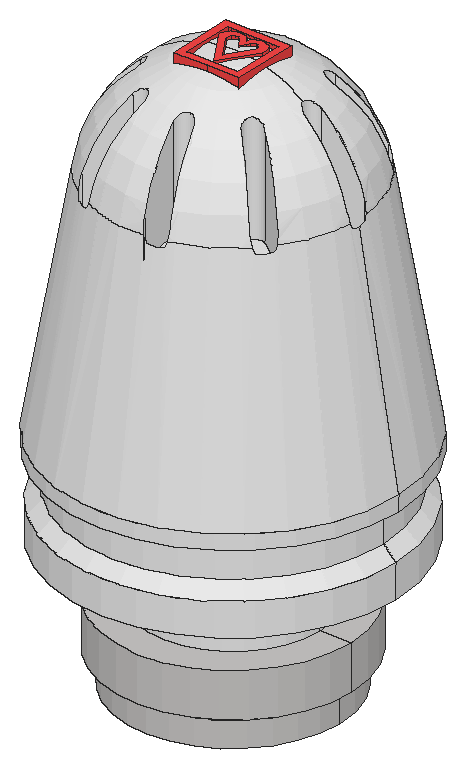
Revit family "HERZ-Thermostatkopf MINI GS M28x1.5 9200 03", category Rohrzubehör, Revit 2021
Family settings
  Bemaßung runder Anschluss = Durchmesser verwenden
  Teiletyp = Normal
  OmniClass-Nummer = 23.65.55.14
  OmniClass-Titel = Valves for Liquid Services
  Arbeitsebenenbasiert = Nein
  Immer vertikal = Nein
  Beim Laden mit Abzugskörper schneiden = Nein
  Gemeinsam genutzt = Nein
Parameters
  Vorgabe-Ansicht = 0 mm
  URL = "www.herz-armaturen.at"
  Thermostatkopf = "Kunststoff, weiß"  # constant formula
  Sollwertbereich = "0-30°C"  # constant formula
  S02 = 60 mm  # constant formula
  S01 = 73 mm  # constant formula
  Nullstellung = "Heizkörperthermostat mit Flüssigkeitsfühler (Hydrosensor) mit Stellung „0“, Frostsicherung einstellbar, mit Begrenzung und Blockierung des Sollwertbereiches."
  Hersteller = "HERZ Armaturen Ges.m.b.H."  # constant formula
  Funktionsweise = "Der HERZ-Thermostat dient als Fühl- und Regelelement. Durch die Volumsänderung der Flüssigkeitsfüllung im HERZ-Hydrosensor wird die Schubspindel des Ventils bewegt."
  Frostsicherung bei = 6 °C  # constant formula
  Sollwertbereich Frostsicherung = "6-30°C"  # constant formula
  Frostsicherung = "Heizkörperthermostat  mit  Flüssigkeitsfühler  (Hydrosensor)  mit  automatischer  Frostsicherung  und  Be-grenzung und Blockierung des Sollwertbereiches."
  Bestellnummer = 1920003  # constant formula
  Anwendungen = "Zur Montage auf Ventilen, die für thermostatischen Betrieb eingerichtet sind.Artikelnummern, Dimensionen und Lieferform der HERZ Ventile sind den jeweiligen Produktnormblättern zu entnehmen."
Reference planes
  plane 1 "Mitte (Vorne/hinten)": y = 0
  plane 2: z = 0
  plane 3 "Mitte (Links/rechts)": x = 0
Forms (mm)
  Revolve 1, solid, material "Kunststoff weiß", detail levels fine
    sketch origin (0, 0, 0) x (1, 0, 0) y (0, 0, 1)
      loop
        line (0, 0) -> (0, 73)
        arc (0, 73) -> (-11.397, 68.78) -> (-17.297, 58.156) r 17.5
        arc (-17.297, 58.156) -> (-20.011, 42.065) -> (-22.88, 26) r 1681.293
        line (-22.88, 26) -> (-22.88, 24) -> (-20.75, 24) -> (-20.75, 19.25) -> (-22.5, 17.5) -> (-22.5, 13) -> (-12.8, 13)
        arc (-12.8, 13) -> (-12.234, 12.766) -> (-12, 12.2) r 0.8
        line (-12, 12.2) -> (-12, 4.8) -> (-13.2, 4.8) -> (-13.2, 0) -> (0, 0)
      axis (0, 73) -> (0, 0)
    angle from 0 to 360
  Revolve 2, solid, material "Messing verzinkt", detail levels fine
    sketch origin (0, 0, 0) x (1, 0, 0) y (0, 0, 1)
      loop
        line (0, 0) -> (0, 5.5) -> (-16.35, 5.5) -> (-16.35, -0.576) -> (-14.75, -1.5) -> (-14.75, -5) -> (-13.35, -5) -> (-13.35, 0) -> (0, 0)
      axis (0, 5.5) -> (0, -5)
    angle from 0 to 360
  Extrusion 3, void
    sketch origin (0, 0, 0) x (1, 0, 0) y (0, 1, 0)
      loop
        arc (11.027, 1.298) -> (9.8, 0) -> (11.027, -1.298) r 1.3
        line (11.027, -1.298) -> (16.77, -1.62)
        arc (16.77, -1.62) -> (17.178, -1.485) -> (17.384, -1.107) r 0.586
        arc (17.384, -1.107) -> (17.453, 0.011) -> (17.382, 1.129) r 9
        arc (17.382, 1.129) -> (17.183, 1.492) -> (16.79, 1.621) r 0.564
        line (16.79, 1.621) -> (11.027, 1.298)
      loop
        line (9.282, 6.094) -> (13.904, 9.55)
        arc (13.904, 9.55) -> (14.121, 9.902) -> (14.04, 10.308) r 0.564
        arc (14.04, 10.308) -> (13.376, 11.21) -> (12.605, 12.023) r 9
        arc (12.605, 12.023) -> (12.205, 12.18) -> (11.805, 12.021) r 0.586
        line (11.805, 12.021) -> (7.613, 8.082)
        arc (7.613, 8.082) -> (7.507, 6.299) -> (9.282, 6.094) r 1.3
      loop
        arc (0.637, 11.085) -> (1.702, 9.651) -> (3.193, 10.634) r 1.3
        line (3.193, 10.634) -> (4.508, 16.234)
        arc (4.508, 16.234) -> (4.445, 16.659) -> (4.109, 16.928) r 0.586
        arc (4.109, 16.928) -> (3.02, 17.189) -> (1.907, 17.313) r 9
        arc (1.907, 17.313) -> (1.515, 17.181) -> (1.319, 16.816) r 0.564
        line (1.319, 16.816) -> (0.637, 11.085)
      loop
        line (-4.39, 10.199) -> (-6.991, 15.351)
        arc (-6.991, 15.351) -> (-7.3, 15.626) -> (-7.713, 15.617) r 0.564
        arc (-7.713, 15.617) -> (-8.717, 15.12) -> (-9.651, 14.501) r 9
        arc (-9.651, 14.501) -> (-9.875, 14.134) -> (-9.788, 13.713) r 0.586
        line (-9.788, 13.713) -> (-6.638, 8.901)
        arc (-6.638, 8.901) -> (-4.9, 8.487) -> (-4.39, 10.199) r 1.3
      loop
        arc (-10.806, 2.552) -> (-9.209, 3.352) -> (-9.918, 4.991) r 1.3
        line (-9.918, 4.991) -> (-15.204, 7.258)
        arc (-15.204, 7.258) -> (-15.634, 7.271) -> (-15.957, 6.986) r 0.586
        arc (-15.957, 6.986) -> (-16.404, 5.959) -> (-16.719, 4.884) r 9
        arc (-16.719, 4.884) -> (-16.657, 4.475) -> (-16.332, 4.219) r 0.564
        line (-16.332, 4.219) -> (-10.806, 2.552)
      loop
        line (-10.806, -2.552) -> (-16.332, -4.219)
        arc (-16.332, -4.219) -> (-16.657, -4.475) -> (-16.719, -4.884) r 0.564
        arc (-16.719, -4.884) -> (-16.404, -5.959) -> (-15.957, -6.986) r 9
        arc (-15.957, -6.986) -> (-15.634, -7.271) -> (-15.204, -7.258) r 0.586
        line (-15.204, -7.258) -> (-9.918, -4.991)
        arc (-9.918, -4.991) -> (-9.209, -3.352) -> (-10.806, -2.552) r 1.3
      loop
        arc (9.282, -6.094) -> (7.507, -6.299) -> (7.613, -8.082) r 1.3
        line (7.613, -8.082) -> (11.805, -12.021)
        arc (11.805, -12.021) -> (12.205, -12.18) -> (12.605, -12.023) r 0.586
        arc (12.605, -12.023) -> (13.376, -11.21) -> (14.04, -10.308) r 9
        arc (14.04, -10.308) -> (14.121, -9.902) -> (13.904, -9.55) r 0.564
        line (13.904, -9.55) -> (9.282, -6.094)
      loop
        line (0.637, -11.085) -> (1.319, -16.816)
        arc (1.319, -16.816) -> (1.515, -17.181) -> (1.907, -17.313) r 0.564
        arc (1.907, -17.313) -> (3.02, -17.189) -> (4.109, -16.928) r 9
        arc (4.109, -16.928) -> (4.445, -16.659) -> (4.508, -16.234) r 0.586
        line (4.508, -16.234) -> (3.193, -10.634)
        arc (3.193, -10.634) -> (1.702, -9.651) -> (0.637, -11.085) r 1.3
      loop
        arc (-4.39, -10.199) -> (-4.9, -8.487) -> (-6.638, -8.901) r 1.3
        line (-6.638, -8.901) -> (-9.788, -13.713)
        arc (-9.788, -13.713) -> (-9.875, -14.134) -> (-9.651, -14.501) r 0.586
        arc (-9.651, -14.501) -> (-8.717, -15.12) -> (-7.713, -15.617) r 9
        arc (-7.713, -15.617) -> (-7.3, -15.626) -> (-6.991, -15.351) r 0.564
        line (-6.991, -15.351) -> (-4.39, -10.199)
    from 55 to 73
Cuts and joins
  Extrusion 3 cuts Revolve 1
Lines and regions (mm)
  model lines, detail levels coarse+medium
    curve 1: line (0, 0, 0) -> (0, 0, 13)
    curve 2: line (0, -0.017, 0) -> (0, 13, 0)
    curve 3: circle (0, 0, 43) r 30 normal (0, -1, 0)
    curve 4: circle (0, 0, 43) r 30 normal (1, 0, 0)
    curve 5: line (0, 0, 23) -> (0, 0, 63)
    curve 6: line (0, -17.5, 63) -> (0, 17.5, 63)
    curve 7: line (0, 0, 23) -> (0, 0, 63)
    curve 8: line (-17.5, 0, 63) -> (17.5, 0, 63)
    curve 9: circle (0, 43, 0) r 30 normal (0, 0, 1)
    curve 10: line (0, 23, 0) -> (0, 63, 0)
    curve 11: line (-17.5, 63, 0) -> (17.5, 63, 0)
Dimensions and locks
  "S01": curve 4 to plane 2
  "S01": curve 3 to plane 2
  "S01": plane 1 "Mitte (Vorne/hinten)" to curve 9
  "S02": diameter of curve 3
  "S02": diameter of curve 4
  "S02": diameter of curve 9
  aligned and locked: level to plane 2
Automatic sketch dimensions
  Revolve 1 sketch curve to level = 0 mm
  Revolve 1 sketch curve to plane 3 "Mitte (Links/rechts)" = 0 mm  (x2)
  Revolve 1 sketch curve to plane 3 "Mitte (Links/rechts)" = 12 mm
  Revolve 1 sketch curve to Revolve 1 sketch curve = 0.8 mm
  Revolve 1 sketch curve to Revolve 1 sketch curve = 1.2 mm
  Revolve 1 sketch curve to Revolve 1 sketch curve = 7.95 mm
  Revolve 1 sketch curve to Revolve 1 sketch curve = 1.75 mm  (x2)
  Revolve 1 sketch curve to Revolve 1 sketch curve = 2.13 mm
  level to Revolve 1 sketch curve = 329.658 mm
  Revolve 1 sketch curve to plane 3 "Mitte (Links/rechts)" = 1676.524 mm
  level to Revolve 1 sketch curve = 4.8 mm
  Revolve 1 sketch curve to Revolve 1 sketch curve = 7.4 mm
  Revolve 1 sketch curve to Revolve 1 sketch curve = 4.5 mm
  Revolve 1 sketch curve to Revolve 1 sketch curve = 4.75 mm
  Revolve 1 sketch curve to Revolve 1 sketch curve = 2 mm
  Revolve 1 sketch curve to Revolve 1 sketch curve = 29.5 mm
  Revolve 1 sketch curve to Revolve 1 sketch curve = 17.5 mm
  Revolve 1 sketch curve to level = 366.045 mm
  Revolve 1 sketch curve to Revolve 1 sketch curve = 2141.315 mm
  Revolve 2 sketch curve to level = 0 mm
  Revolve 2 sketch curve to plane 3 "Mitte (Links/rechts)" = 0 mm  (x2)
  Revolve 2 sketch curve to level = 5 mm
  Revolve 2 sketch curve to plane 3 "Mitte (Links/rechts)" = 13.35 mm
  Revolve 2 sketch curve to Revolve 2 sketch curve = 1.4 mm
  Revolve 2 sketch curve to level = 0.576 mm
  Revolve 2 sketch curve to Revolve 2 sketch curve = 1.6 mm
  Revolve 2 sketch curve to level = 1.5 mm
  level to Revolve 2 sketch curve = 5.5 mm
  Revolve 2 sketch curve to Revolve 2 sketch curve = 361.045 mm
  Revolve 2 sketch curve to Revolve 2 sketch curve = 2208.815 mm
  plane 1 "Mitte (Vorne/hinten)" to Extrusion 3 sketch curve = 0 mm  (x2)
  Extrusion 3 sketch curve to plane 1 "Mitte (Vorne/hinten)" = 4.219 mm
  Extrusion 3 sketch curve to plane 3 "Mitte (Links/rechts)" = 16.332 mm
  plane 1 "Mitte (Vorne/hinten)" to Extrusion 3 sketch curve = 4.219 mm
  Extrusion 3 sketch curve to Extrusion 3 sketch curve = 0 mm  (x11)
  Extrusion 3 sketch curve to Extrusion 3 sketch curve = 0.163 mm  (x2)
  Extrusion 3 sketch curve to Extrusion 3 sketch curve = 0.734 mm  (x2)
  plane 1 "Mitte (Vorne/hinten)" to Extrusion 3 sketch curve = 7.258 mm
  Extrusion 3 sketch curve to Extrusion 3 sketch curve = 0.231 mm  (x2)
  Extrusion 3 sketch curve to plane 1 "Mitte (Vorne/hinten)" = 7.258 mm
  plane 1 "Mitte (Vorne/hinten)" to Extrusion 3 sketch curve = 2.552 mm
  Extrusion 3 sketch curve to Extrusion 3 sketch curve = 5.526 mm
  Extrusion 3 sketch curve to plane 1 "Mitte (Vorne/hinten)" = 2.552 mm
  Extrusion 3 sketch curve to Extrusion 3 sketch curve = 0.375 mm  (x2)
  Extrusion 3 sketch curve to Extrusion 3 sketch curve = 0.512 mm  (x2)
  Extrusion 3 sketch curve to Extrusion 3 sketch curve = 5.416 mm  (x2)
  Extrusion 3 sketch curve to Extrusion 3 sketch curve = 0.49 mm  (x2)
  Extrusion 3 sketch curve to Extrusion 3 sketch curve = 2.488 mm  (x2)
  Extrusion 3 sketch curve to Extrusion 3 sketch curve = 1.803 mm  (x2)
  Extrusion 3 sketch curve to Extrusion 3 sketch curve = 0.504 mm  (x2)
  Extrusion 3 sketch curve to Extrusion 3 sketch curve = 3.281 mm  (x2)
  Extrusion 3 sketch curve to Extrusion 3 sketch curve = 1.088 mm  (x2)
  Extrusion 3 sketch curve to Extrusion 3 sketch curve = 1.16 mm  (x2)
  Extrusion 3 sketch curve to Extrusion 3 sketch curve = 1.324 mm  (x2)
  plane 3 "Mitte (Links/rechts)" to Extrusion 3 sketch curve = 0.637 mm  (x2)
  plane 3 "Mitte (Links/rechts)" to Extrusion 3 sketch curve = 1.319 mm  (x2)
  plane 3 "Mitte (Links/rechts)" to Extrusion 3 sketch curve = 1.468 mm  (x2)
  Extrusion 3 sketch curve to Extrusion 3 sketch curve = 0.561 mm  (x2)
  Extrusion 3 sketch curve to Extrusion 3 sketch curve = 1.291 mm  (x2)
  Extrusion 3 sketch curve to Extrusion 3 sketch curve = 1.266 mm  (x2)
  Extrusion 3 sketch curve to Extrusion 3 sketch curve = 2.058 mm  (x2)
  Extrusion 3 sketch curve to Extrusion 3 sketch curve = 0.57 mm  (x2)
  Extrusion 3 sketch curve to Extrusion 3 sketch curve = 5.007 mm  (x2)
  Extrusion 3 sketch curve to Extrusion 3 sketch curve = 1.138 mm  (x2)
  Extrusion 3 sketch curve to Extrusion 3 sketch curve = 1.978 mm
  Extrusion 3 sketch curve to Extrusion 3 sketch curve = 0.89 mm  (x2)
  Extrusion 3 sketch curve to Extrusion 3 sketch curve = 0.779 mm  (x2)
  plane 1 "Mitte (Vorne/hinten)" to Extrusion 3 sketch curve = 1.298 mm
  Extrusion 3 sketch curve to Extrusion 3 sketch curve = 2.575 mm
  Extrusion 3 sketch curve to Extrusion 3 sketch curve = 0.073 mm
  Extrusion 3 sketch curve to Extrusion 3 sketch curve = 4.192 mm  (x2)
  Extrusion 3 sketch curve to Extrusion 3 sketch curve = 0.401 mm  (x2)
  Extrusion 3 sketch curve to Extrusion 3 sketch curve = 1.36 mm  (x2)
  Extrusion 3 sketch curve to Extrusion 3 sketch curve = 0.338 mm  (x2)
  plane 1 "Mitte (Vorne/hinten)" to Extrusion 3 sketch curve = 1.62 mm
  Extrusion 3 sketch curve to Extrusion 3 sketch curve = 5.743 mm
  Extrusion 3 sketch curve to plane 1 "Mitte (Vorne/hinten)" = 1.621 mm
  Extrusion 3 sketch curve to Extrusion 3 sketch curve = 0.02 mm
  Extrusion 3 sketch curve to Extrusion 3 sketch curve = 0.033 mm
  Extrusion 3 sketch curve to Extrusion 3 sketch curve = 0.032 mm
  plane 1 "Mitte (Vorne/hinten)" to Extrusion 3 sketch curve = 7.32 mm
  Extrusion 3 sketch curve to Extrusion 3 sketch curve = 6.784 mm
  Extrusion 3 sketch curve to Extrusion 3 sketch curve = 1.004 mm
  Extrusion 3 sketch curve to Extrusion 3 sketch curve = 1.581 mm  (x2)
  Extrusion 3 sketch curve to Extrusion 3 sketch curve = 1.468 mm
  Extrusion 3 sketch curve to Extrusion 3 sketch curve = 0.712 mm  (x2)
  Extrusion 3 sketch curve to Extrusion 3 sketch curve = 0.452 mm  (x2)
  Extrusion 3 sketch curve to Extrusion 3 sketch curve = 2.31 mm  (x2)
  Extrusion 3 sketch curve to Extrusion 3 sketch curve = 0.297 mm  (x2)
  Extrusion 3 sketch curve to Extrusion 3 sketch curve = 1.591 mm  (x2)
  Extrusion 3 sketch curve to Extrusion 3 sketch curve = 0.427 mm  (x2)
  Extrusion 3 sketch curve to Extrusion 3 sketch curve = 4.812 mm  (x2)
  Extrusion 3 sketch curve to Extrusion 3 sketch curve = 0.321 mm  (x2)
  Extrusion 3 sketch curve to Extrusion 3 sketch curve = 1.063 mm  (x2)
  Extrusion 3 sketch curve to Extrusion 3 sketch curve = 0.254 mm  (x2)
  Extrusion 3 sketch curve to Extrusion 3 sketch curve = 5.599 mm  (x2)
  Extrusion 3 sketch curve to Extrusion 3 sketch curve = 0.134 mm  (x2)
  Extrusion 3 sketch curve to Extrusion 3 sketch curve = 0.382 mm  (x2)
  Extrusion 3 sketch curve to Extrusion 3 sketch curve = 0.067 mm  (x2)
  Extrusion 3 sketch curve to Extrusion 3 sketch curve = 0.947 mm
  Extrusion 3 sketch curve to Extrusion 3 sketch curve = 0.539 mm  (x2)
  Extrusion 3 sketch curve to Extrusion 3 sketch curve = 1.702 mm
  Extrusion 3 sketch curve to Extrusion 3 sketch curve = 2.439 mm
  Extrusion 3 sketch curve to Extrusion 3 sketch curve = 0.54 mm  (x2)
  Extrusion 3 sketch curve to Extrusion 3 sketch curve = 0.905 mm
  Extrusion 3 sketch curve to Extrusion 3 sketch curve = 0.585 mm
  Extrusion 3 sketch curve to Extrusion 3 sketch curve = 0.564 mm
  Extrusion 3 sketch curve to Extrusion 3 sketch curve = 0.339 mm
  Extrusion 3 sketch curve to Extrusion 3 sketch curve = 1.245 mm
  Extrusion 3 sketch curve to plane 1 "Mitte (Vorne/hinten)" = 5.433 mm
  Extrusion 3 sketch curve to Extrusion 3 sketch curve = 0.661 mm
  Extrusion 3 sketch curve to Extrusion 3 sketch curve = 1.041 mm
  Extrusion 3 sketch curve to Extrusion 3 sketch curve = 4.429 mm
  Extrusion 3 sketch curve to Extrusion 3 sketch curve = 2.891 mm
  Extrusion 3 sketch curve to Extrusion 3 sketch curve = 3.456 mm
  Extrusion 3 sketch curve to plane 1 "Mitte (Vorne/hinten)" = 1.298 mm  (x2)
  curve 5 to plane 1 "Mitte (Vorne/hinten)" = 0 mm
  curve 4 to plane 1 "Mitte (Vorne/hinten)" = 0 mm
  plane 1 "Mitte (Vorne/hinten)" to curve 6 = 17.5 mm
  curve 5 to curve 6 = 17.5 mm
  curve 5 to curve 4 = 20 mm
  curve 4 to curve 6 = 20 mm
  curve 3 to plane 3 "Mitte (Links/rechts)" = 0 mm
  curve 7 to plane 3 "Mitte (Links/rechts)" = 0 mm
  curve 1 to plane 3 "Mitte (Links/rechts)" = 0 mm
  curve 1 to level = 0 mm
  curve 8 to curve 7 = 17.5 mm
  plane 3 "Mitte (Links/rechts)" to curve 8 = 17.5 mm
  curve 1 to curve 7 = 10 mm
  curve 3 to curve 8 = 20 mm
  curve 9 to plane 3 "Mitte (Links/rechts)" = 0 mm
  curve 10 to plane 3 "Mitte (Links/rechts)" = 0 mm
  curve 2 to plane 3 "Mitte (Links/rechts)" = 0 mm
  curve 11 to curve 10 = 17.5 mm
  plane 3 "Mitte (Links/rechts)" to curve 11 = 17.5 mm
  plane 1 "Mitte (Vorne/hinten)" to curve 2 = 0.017 mm
  curve 2 to curve 10 = 10 mm
  curve 9 to curve 11 = 20 mm
Nested families
  nested 1: "Herz-Logo" at (0, 0, 71.5), type "Herz-Logo", detail levels fine
Definition of nested family "Herz-Logo"
  Parameters (values of type "Herz-Logo")
    Default Elevation = 0 mm
  Reference planes
    plane 1 "Mitte (Vorne/hinten)": y = 0
    plane 2: z = 0
    plane 3 "Mitte (Links/rechts)": x = 0
  Forms (mm)
    Extrusion 1, solid
      sketch origin (0, 0, 0) x (1, 0, 0) y (0, 1, 0)
        loop
          line (-0.018, -4.517) -> (4.482, -4.517) -> (4.482, 4.483) -> (-4.518, 4.483) -> (-4.518, -4.517) -> (-0.018, -4.517)
        loop
          line (-0.05, -3.48) -> (3.482, -3.48) -> (3.482, 3.483) -> (-3.518, 3.483) -> (-3.518, -3.48) -> (-0.05, -3.48)
        loop
          arc (-0.018, 2.383) -> (-1.543, 3.287) -> (-3.067, 2.383) r 1.738
          arc (-3.067, 2.383) -> (-3.191, 1.899) -> (-3.067, 1.415) r 1.009
          line (-3.067, 1.415) -> (-0.018, -3.281) -> (3.032, 1.415)
          arc (3.032, 1.415) -> (3.156, 1.899) -> (3.032, 2.383) r 1.009
          arc (3.032, 2.383) -> (1.507, 3.287) -> (-0.018, 2.383) r 1.738
        loop
          arc (1.885, 1.272) -> (2.005, 1.675) -> (1.885, 2.079) r 0.74
          arc (1.885, 2.079) -> (1.265, 2.416) -> (0.644, 2.079) r 0.74
          line (0.644, 2.079) -> (-0.018, 0.97) -> (-0.679, 2.079)
          arc (-0.679, 2.079) -> (-1.3, 2.416) -> (-1.921, 2.079) r 0.74
          arc (-1.921, 2.079) -> (-2.04, 1.675) -> (-1.921, 1.272) r 0.74
          line (-1.921, 1.272) -> (-0.018, -1.658) -> (1.885, 1.272)
      from 0 to 1.5
  Dimensions and locks
    aligned and locked: level to plane 2
